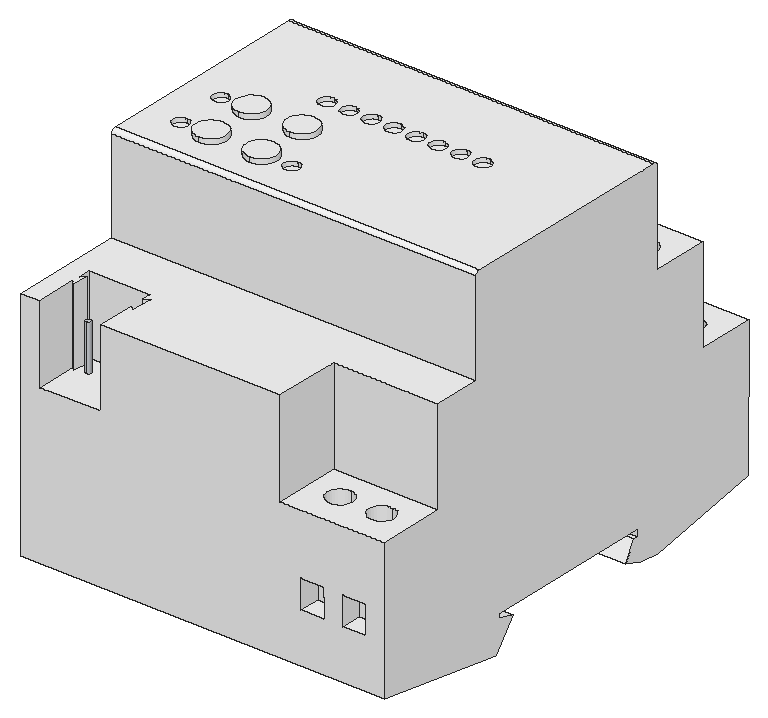
Revit family "Gira_547300", category Electrical Fixtures, host Face, Revit 2017
Family settings
  Host = Face
  Maintain Annotation Orientation = No
  Round Connector Dimension = Use Diameter
  Part Type = Normal
  Cut with Voids When Loaded = No
  Shared = No
  Room Calculation Point = No
Parameters (values of type "WL energy sens. 4-g DRA Gira eNet")
  With switch function = no
  Ventilschutzfunktion = no
  URL = "https://www.gira.de/"
  Type of voltage (input voltage) = ""
  Type Comments = ""
  Tarifumschaltung = no
  Switching current (resistive) [Ampere] = 0
  Suitable for C-load = no
  S0 Impulsschnittstelle = "ohne (*de-DE)"
  Blindleistung = no
  Rated current [Ampere] = 0
  Output voltage [Volt] = ""
  Output current [Ampere] = ""
  Number of outputs = 0
  Number of inputs = 0
  Number of binary inputs = 0
  Modulare Erweiterungsmöglichkeit = no
  Model = "Energy meter"
  Max. switching power [Voltampere] = 0
  Max. switching current [Ampere] = 0
  Max. number of venetian-blind outputs = 0
  Max. number of switching contacts = 0
  Manufacturer = "Gira"
  Handschaltung = no
  Local operation/hand operation = no
  LED controlling = no
  Keynote = ""
  Input voltage [Volt] = ""
  HeinzeBIM = "https://www.heinze.de/bim/wl-energy-sens-4-g-dra-gira-enet/996cdf7b99e2f293fb83e3a053500779b17a33f8"
  HAN = "547300"
  GTIN = "4010337774372"
  Verschiedene Phasen anschließbar = no
  Description = "WL energy sens.4g DRA eNet eNet wireless energy sensor, 4-gang,DRA Features: - The eNet wireless energy sensors enable the wireless transmission of voltage, electricity, and energy values to the eNet server. - Operation with an eNet server. - Logging electricity and voltage of the connected device. - Calculation of effective output, reactive power, apparent power, and active electrical energy. - Event-controlled or time-controlled transmission of measurement value telegrams to the eNet server. - Time synchronisation with the eNet server. - Display of energy values possible via the eNet SMART HOME app. - Use of energy values as a trigger for IF THEN rules in the eNet Smart Home app. Can be set with eNet server:: - Localisation of the device. - Fully encrypted wireless transmission (AES CCM) from eNet Server software version 2.0. - Use power consumption as the 'IF' condition in IF THEN rules to activate actions, scenes, and timers. - Device software update.,Notes : - An eNet server is required to operate this DIN-rail mounting device."
  Default Elevation = 1219.2 mm
  Cost = 0
  Stellgröße schaltend = no
  Stellgröße stetig = no
  Anschlussart = "Direct"
  Bus connection included = no
  BIMSITE_PRODUCT_ID = "996cdf7b99e2f293fb83e3a053500779b17a33f8"
  BIM = "https://media.live.bim.site/t/eyJhbGciOiJIUzI1NiIsInR5cCI6IkpXVCJ9.eyJjdCI6MSwidGYiOiJwdWJsaWMvZ2lyYS8wOWY1ZGI1L1JFRyA4Zi5yZmEiLCJjaWQiOiJmZWQ5OGU5YS0xYmQ4LTRjNjgtYTczYi03NGE5NGUzMTU4MjMiLCJyaWQiOiI0N2Y2Y2Q0ZTQ3MDMwMDg3MzVjYWQwZDc2MzEwNjYwNiIsInBpZCI6Ijk5NmNkZjdiOTllMmYyOTNmYjgzZTNhMDUzNTAwNzc5YjE3YTMzZjgiLCJzaWQiOiI2MzQ3MCIsInV0Ijo1LCJsYyI6ImVuIiwiaWF0IjoxNjA3NDQyNDAyLCJpc3MiOiJodHRwczovL2FwaS5saXZlLmJpbS5zaXRlIiwic3ViIjoiOGQzYWE1Y2ItZTA2Ni00NTk4LWJlMTYtNmUxNmVlNzQ5NTZhIn0.0yncOAdSP8pnXg-HsZ5VMZEFSs2y1soeDxNnOl6GPCQ/REG 8f.rfa"
  Assembly Code = ""
  Zulassung nach PTB = no
Reference planes
  plane 1 "Center (Front/Back)": y = 0
  plane 2: z = 0
  plane 3 "Center (Left/Right)": x = 0
Forms (mm)
  Extrusion 1, solid, material "White", detail levels fine
    sketch origin (0, 0, 0) x (0, 1, 0) y (0, 0, 1)
      loop
        line (45.125, -2.619) -> (45.125, 24.95) -> (33.875, 24.95) -> (33.875, 43.8) -> (22.575, 43.8) -> (22.575, 62.05)
        arc (22.575, 62.05) -> (22.311, 62.686) -> (21.675, 62.95) r 0.9
        line (21.675, 62.95) -> (-21.175, 62.95)
        arc (-21.175, 62.95) -> (-21.785, 62.758) -> (-22.175, 62.25) r 1.064
        line (-22.175, 62.25) -> (-22.175, 43.8) -> (-44.725, 43.8) -> (-44.725, -2.619)
        arc (-44.725, -2.619) -> (-31.081, -5.433) -> (-17.243, -7.049) r 160
        line (-17.243, -7.049) -> (-13.165, -1.734) -> (-16.399, -0.807) -> (-16.399, 0) -> (17.8, 0) -> (17.8, -1.4) -> (16.8, -1.4) -> (14.749, -4.952)
        arc (14.749, -4.952) -> (18.64, -6.184) -> (22.7, -6.6) r 20
        arc (22.7, -6.6) -> (33.983, -5.009) -> (45.125, -2.619) r 160
    from -36 to 36
  Extrusion 2, void, detail levels fine
    sketch origin (0, 0, 0) x (1, 0, 0) y (0, 1, 0)
      loop
        circle (30, 26.925) r 2.55
      loop
        circle (21.75, 26.925) r 2.55
      loop
        circle (12.75, 26.925) r 2.55
      loop
        circle (4.5, 26.925) r 2.55
      loop
        circle (-4.5, 26.925) r 2.55
      loop
        circle (-12.75, 26.925) r 2.55
      loop
        circle (-21.75, 26.925) r 2.55
      loop
        circle (-30, 26.925) r 2.55
    from 37.936 to 43.8
  Extrusion 3, void, detail levels fine
    sketch origin (0, 11.25, -18.85) x (1, 0, 0) y (0, 1, 0)
      loop
        circle (30, 26.925) r 2.55
      loop
        circle (21.75, 26.925) r 2.55
      loop
        circle (12.75, 26.925) r 2.55
      loop
        circle (4.5, 26.925) r 2.55
      loop
        circle (-4.5, 26.925) r 2.55
      loop
        circle (-12.75, 26.925) r 2.55
      loop
        circle (-21.75, 26.925) r 2.55
      loop
        circle (-30, 26.925) r 2.55
    from 37.936 to 43.8
  Extrusion 4, void, detail levels fine
    sketch origin (0, 0, 0) x (1, 0, 0) y (0, 1, 0)
      loop
        circle (-13, -3.875) r 3
      loop
        circle (-23, -3.875) r 3
      loop
        circle (-23, -13.875) r 3
      loop
        circle (-13, -13.875) r 3
      loop
        circle (-29, -3.875) r 1.575
      loop
        circle (-29, -13.875) r 1.575
      loop
        circle (-7, -13.875) r 1.575
      loop
        circle (-15.4, 5.325) r 1.625
      loop
        circle (-11, 5.325) r 1.575
      loop
        circle (-6.6, 5.325) r 1.625
      loop
        circle (-2.2, 5.325) r 1.625
      loop
        circle (2.2, 5.325) r 1.625
      loop
        circle (6.6, 5.325) r 1.625
      loop
        circle (11, 5.325) r 1.575
      loop
        circle (15.4, 5.325) r 1.625
    from 58.253 to 62.95
  Extrusion 5, void, detail levels fine
    sketch origin (0, 0, 0) x (1, 0, 0) y (0, 1, 0)
      loop
        line (-32.175, -32.6) -> (-32.175, -34.9) -> (-31.24, -34.36) -> (-31.401, -37.165) -> (-32.175, -36.7) -> (-32.175, -44.875) -> (-20.175, -44.875) -> (-20.175, -37.33) -> (-19.075, -37.965) -> (-19.075, -33.635) -> (-20.175, -34.27) -> (-20.175, -32.6) -> (-32.175, -32.6)
    from 28.5 to 43.8
  Extrusion 6, solid, detail levels fine
    sketch origin (0, 0, 0) x (1, 0, 0) y (0, 1, 0)
      loop
        circle (-29.375, -36.2) r 0.5
      loop
        circle (-23.575, -36.2) r 0.5
    from 28.5 to 37.5
  Extrusion 7, void, detail levels fine
    sketch origin (0, 0, 0) x (1, 0, 0) y (0, 1, 0)
      loop
        line (15.289, -31.489) -> (15.289, -44.875) -> (36, -44.875) -> (36, -31.489) -> (15.289, -31.489)
    from 25 to 43.8
  Extrusion 8, void, detail levels fine
    sketch origin (0, 0, 0) x (1, 0, 0) y (0, 1, 0)
      loop
        circle (21.75, -37.925) r 2.55
      loop
        circle (30, -37.925) r 2.55
    from 19.086 to 24.95
  Extrusion 9, void, detail levels fine
    sketch origin (0, 0, 0) x (1, 0, 0) y (0, 0, 1)
      loop
        line (32.368, 26.75) -> (32.35, 28.865) -> (32.319, 32.45) -> (27.731, 32.45) -> (27.682, 26.75) -> (32.368, 26.75)
      loop
        line (24.118, 26.75) -> (24.1, 28.865) -> (24.069, 32.45) -> (19.481, 32.45) -> (19.432, 26.75) -> (24.118, 26.75)
      loop
        line (15.118, 26.75) -> (15.1, 28.865) -> (15.069, 32.45) -> (10.481, 32.45) -> (10.432, 26.75) -> (15.118, 26.75)
      loop
        line (6.868, 26.75) -> (6.85, 28.865) -> (6.819, 32.45) -> (2.231, 32.45) -> (2.182, 26.75) -> (6.868, 26.75)
      loop
        line (-2.182, 26.75) -> (-2.2, 28.865) -> (-2.231, 32.45) -> (-6.819, 32.45) -> (-6.868, 26.75) -> (-2.182, 26.75)
      loop
        line (-10.432, 26.75) -> (-10.45, 28.865) -> (-10.481, 32.45) -> (-15.069, 32.45) -> (-15.118, 26.75) -> (-10.432, 26.75)
      loop
        line (-19.35, 26.75) -> (-19.369, 28.865) -> (-19.4, 32.45) -> (-23.987, 32.45) -> (-24.037, 26.75) -> (-19.35, 26.75)
      loop
        line (-27.682, 26.75) -> (-27.7, 28.865) -> (-27.731, 32.45) -> (-32.319, 32.45) -> (-32.368, 26.75) -> (-27.682, 26.75)
    from -29.206 to -33.875
  Extrusion 10, void, detail levels fine
    sketch origin (0, 11.25, -19.567) x (1, 0, 0) y (0, 0, 1)
      loop
        line (32.368, 26.75) -> (32.35, 28.865) -> (32.319, 32.45) -> (27.731, 32.45) -> (27.682, 26.75) -> (32.368, 26.75)
      loop
        line (24.118, 26.75) -> (24.1, 28.865) -> (24.069, 32.45) -> (19.481, 32.45) -> (19.432, 26.75) -> (24.118, 26.75)
      loop
        line (15.118, 26.75) -> (15.1, 28.865) -> (15.069, 32.45) -> (10.481, 32.45) -> (10.432, 26.75) -> (15.118, 26.75)
      loop
        line (6.868, 26.75) -> (6.85, 28.865) -> (6.819, 32.45) -> (2.231, 32.45) -> (2.182, 26.75) -> (6.868, 26.75)
      loop
        line (-2.182, 26.75) -> (-2.2, 28.865) -> (-2.231, 32.45) -> (-6.819, 32.45) -> (-6.868, 26.75) -> (-2.182, 26.75)
      loop
        line (-10.432, 26.75) -> (-10.45, 28.865) -> (-10.481, 32.45) -> (-15.069, 32.45) -> (-15.118, 26.75) -> (-10.432, 26.75)
      loop
        line (-19.35, 26.75) -> (-19.369, 28.865) -> (-19.4, 32.45) -> (-23.987, 32.45) -> (-24.037, 26.75) -> (-19.35, 26.75)
      loop
        line (-27.682, 26.75) -> (-27.7, 28.865) -> (-27.731, 32.45) -> (-32.319, 32.45) -> (-32.368, 26.75) -> (-27.682, 26.75)
    from -29.206 to -33.875
  Extrusion 11, void, detail levels fine
    sketch origin (0, 0, 0) x (1, 0, 0) y (0, 0, 1)
      loop
        line (32.319, 12.883) -> (27.731, 12.883) -> (27.682, 7.183) -> (32.368, 7.183) -> (32.35, 9.298) -> (32.319, 12.883)
      loop
        line (24.069, 12.883) -> (19.481, 12.883) -> (19.432, 7.183) -> (24.118, 7.183) -> (24.1, 9.298) -> (24.069, 12.883)
    from 40.588 to 44.725
  Extrusion 12, solid, material "White", detail levels fine
    sketch origin (0, 0, 0) x (1, 0, 0) y (0, 1, 0)
      loop
        circle (-15.4, 5.325) r 1.625
      loop
        circle (-11, 5.325) r 1.575
      loop
        circle (-6.6, 5.325) r 1.625
      loop
        circle (-2.2, 5.325) r 1.625
      loop
        circle (2.2, 5.325) r 1.625
      loop
        circle (6.6, 5.325) r 1.625
      loop
        circle (11, 5.325) r 1.575
      loop
        circle (15.4, 5.325) r 1.625
      loop
        circle (-29, -3.875) r 1.575
      loop
        circle (-29, -13.875) r 1.575
      loop
        circle (-7, -13.875) r 1.575
    from 58.253 to 62.25
  Extrusion 13, solid, material "White", detail levels fine
    sketch origin (0, 0, 0) x (1, 0, 0) y (0, 1, 0)
      loop
        circle (-23, -3.875) r 3
      loop
        circle (-13, -3.875) r 3
      loop
        circle (-23, -13.875) r 3
      loop
        circle (-13, -13.875) r 3
    from 58.253 to 63.841
  Extrusion 14, solid, material "White", detail levels medium
    sketch origin (0, 0, 0) x (0, 1, 0) y (0, 0, 1)
      loop
        line (45.125, -7.049) -> (45.125, 24.95) -> (33.875, 24.95) -> (33.875, 43.8) -> (22.575, 43.8) -> (22.575, 63.841) -> (-22.175, 63.841) -> (-22.175, 43.8) -> (-44.725, 43.8) -> (-44.725, -7.049) -> (45.125, -7.049)
    from -36 to 36
  Extrusion 15, solid, material "White", detail levels coarse
    sketch origin (0, 0, 0) x (0, 1, 0) y (0, 0, 1)
      loop
        line (45.125, -7.049) -> (45.125, 63.841) -> (-44.725, 63.841) -> (-44.725, -7.049) -> (45.125, -7.049)
    from -36 to 36
Cuts and joins
  Extrusion 2, Extrusion 3, Extrusion 4, Extrusion 5, Extrusion 7, Extrusion 8, Extrusion 9, Extrusion 10, Extrusion 11 cuts Extrusion 1
Dimensions and locks
  aligned and locked: plane 2 to host face
  aligned and locked: level to host face
